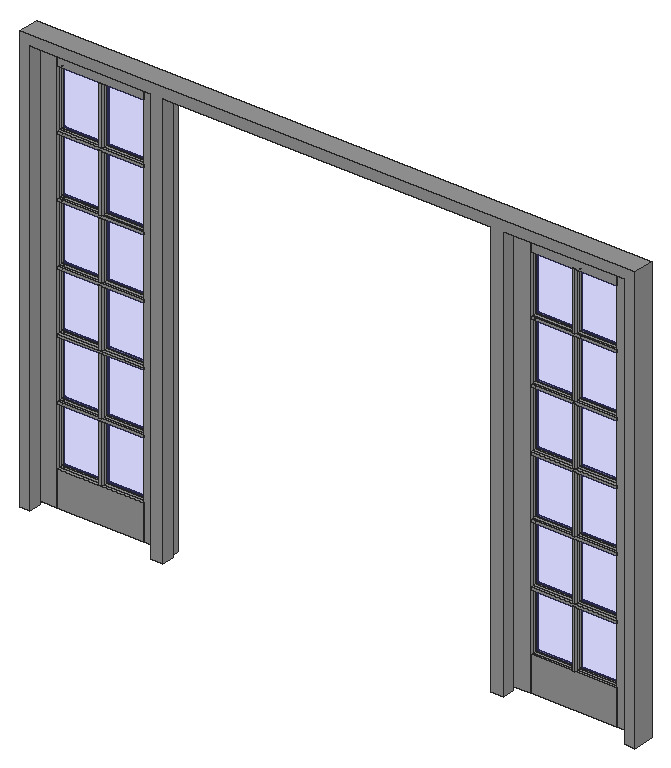
Revit family "VSLF 6 16 6 (3010x2090mm)", category Doors, host Wall, Revit 2013
Parameters (values of type "VSLF 6/16/6")
  Function = Interior
  Frame Projection Ext. = 25 mm
  Frame Projection Int. = 25 mm
  Frame Width = 75 mm
  Height = 2090 mm
  Wall Closure = By host
  Width = 3010 mm
Reference planes
  plane 1: y = 0
  plane 2 "Center (Left/Right)": x = 0
  plane 3 "Left": x = -1505
  plane 4 "Right": x = 1505
  plane 5: z = 2090
  plane 6 "Exterior": y = 75
  plane 7 "Interior": y = -75
Forms (mm)
  Sweep 1, solid, material "Lauan, Meranti"
    path origin (0, 75, 0) x (1, 0, 0) y (0, 0, 1)
      loop
        line (1505, 0) -> (1505, 2090) -> (-1505, 2090) -> (-1505, 0)
    profile "105x50 Door Frame : 105x50 Door Frame" origin (1505, 75, 1045) x (-1, 0, 0) y (0, -1, 0)
      loop
        line (0, 22.5) -> (38, 22.5) -> (38, 67.5) -> (50, 67.5) -> (50, 127.5) -> (0, 127.5) -> (0, 22.5)
  Extrusion 2, solid, material "Lauan, Meranti"
    sketch origin (1261.051, 140, 0) x (0, -1, 0) y (0, 0, 1)
      loop
        line (132.5, 20) -> (132.5, 191) -> (102.5, 191) -> (102.5, 200) -> (100.5, 200) -> (100.5, 198)
        arc (100.5, 198) -> (96.134, 195.67) -> (94.5, 191) r 6.807
        line (94.5, 191) -> (92.5, 191) -> (92.5, 20) -> (132.5, 20)
      loop
        line (102.5, 1956) -> (132.5, 1956) -> (132.5, 2052) -> (92.5, 2052) -> (92.5, 1956) -> (94.5, 1956)
        arc (94.5, 1956) -> (96.134, 1951.33) -> (100.5, 1949) r 6.807
        line (100.5, 1949) -> (100.5, 1947) -> (102.5, 1947) -> (102.5, 1956)
    from -109.949 to 314.051
  Extrusion 3, solid, material "Lauan, Meranti"
    sketch origin (1269, 55, 0) x (-1, 0, 0) y (0, -1, 0)
      loop
        line (322, 17.5) -> (313, 17.5) -> (313, 15.5) -> (315, 15.5)
        arc (315, 15.5) -> (317.33, 11.134) -> (322, 9.5) r 6.807
        line (322, 9.5) -> (322, 7.5) -> (418, 7.5) -> (418, 47.5) -> (322, 47.5) -> (322, 17.5)
      loop
        line (-102, 17.5) -> (-102, 47.5) -> (-198, 47.5) -> (-198, 7.5) -> (-102, 7.5) -> (-102, 9.5)
        arc (-102, 9.5) -> (-97.33, 11.134) -> (-95, 15.5) r 6.807
        line (-95, 15.5) -> (-93, 15.5) -> (-93, 17.5) -> (-102, 17.5)
    from 20 to 2052
  Extrusion 4, solid, material "Lauan, Meranti"
    sketch origin (1269, 55, 1439.918) x (-1, 0, 0) y (0, -1, 0)
      loop
        line (94.5, 17.5) -> (94.5, 15.5) -> (96.5, 15.5)
        arc (96.5, 15.5) -> (98.83, 11.134) -> (103.5, 9.5) r 6.807
        line (103.5, 9.5) -> (103.5, 7.5) -> (116.5, 7.5) -> (116.5, 9.5)
        arc (116.5, 9.5) -> (121.17, 11.134) -> (123.5, 15.5) r 6.807
        line (123.5, 15.5) -> (125.5, 15.5) -> (125.5, 17.5) -> (116.5, 17.5) -> (116.5, 47.5) -> (103.5, 47.5) -> (103.5, 17.5) -> (94.5, 17.5)
    from 232.749 to 516.082
  Extrusion 5, solid, material "Lauan, Meranti"
    sketch origin (1469, 55, 0) x (0, -1, 0) y (0, 0, 1)
      loop
        line (17.5, 1650.667) -> (17.5, 1659.667) -> (47.5, 1659.667) -> (47.5, 1672.667) -> (17.5, 1672.667) -> (17.5, 1681.667) -> (15.5, 1681.667) -> (15.5, 1679.667)
        arc (15.5, 1679.667) -> (11.134, 1677.337) -> (9.5, 1672.667) r 6.807
        line (9.5, 1672.667) -> (7.5, 1672.667) -> (7.5, 1659.667) -> (9.5, 1659.667)
        arc (9.5, 1659.667) -> (11.134, 1654.996) -> (15.5, 1652.667) r 6.807
        line (15.5, 1652.667) -> (15.5, 1650.667) -> (17.5, 1650.667)
    from 98 to 522
  Extrusion 6, solid, material "Lauan, Meranti"
    sketch origin (1269, 55, 1143.584) x (-1, 0, 0) y (0, -1, 0)
      loop
        line (94.5, 17.5) -> (94.5, 15.5) -> (96.5, 15.5)
        arc (96.5, 15.5) -> (98.83, 11.134) -> (103.5, 9.5) r 6.807
        line (103.5, 9.5) -> (103.5, 7.5) -> (116.5, 7.5) -> (116.5, 9.5)
        arc (116.5, 9.5) -> (121.17, 11.134) -> (123.5, 15.5) r 6.807
        line (123.5, 15.5) -> (125.5, 15.5) -> (125.5, 17.5) -> (116.5, 17.5) -> (116.5, 47.5) -> (103.5, 47.5) -> (103.5, 17.5) -> (94.5, 17.5)
    from 232.749 to 516.082
  Extrusion 7, solid, material "Lauan, Meranti"
    sketch origin (1269, 55, 847.251) x (-1, 0, 0) y (0, -1, 0)
      loop
        line (94.5, 17.5) -> (94.5, 15.5) -> (96.5, 15.5)
        arc (96.5, 15.5) -> (98.83, 11.134) -> (103.5, 9.5) r 6.807
        line (103.5, 9.5) -> (103.5, 7.5) -> (116.5, 7.5) -> (116.5, 9.5)
        arc (116.5, 9.5) -> (121.17, 11.134) -> (123.5, 15.5) r 6.807
        line (123.5, 15.5) -> (125.5, 15.5) -> (125.5, 17.5) -> (116.5, 17.5) -> (116.5, 47.5) -> (103.5, 47.5) -> (103.5, 17.5) -> (94.5, 17.5)
    from 232.749 to 516.082
  Extrusion 8, solid, material "Lauan, Meranti"
    sketch origin (1269, 55, 550.918) x (-1, 0, 0) y (0, -1, 0)
      loop
        line (94.5, 17.5) -> (94.5, 15.5) -> (96.5, 15.5)
        arc (96.5, 15.5) -> (98.83, 11.134) -> (103.5, 9.5) r 6.807
        line (103.5, 9.5) -> (103.5, 7.5) -> (116.5, 7.5) -> (116.5, 9.5)
        arc (116.5, 9.5) -> (121.17, 11.134) -> (123.5, 15.5) r 6.807
        line (123.5, 15.5) -> (125.5, 15.5) -> (125.5, 17.5) -> (116.5, 17.5) -> (116.5, 47.5) -> (103.5, 47.5) -> (103.5, 17.5) -> (94.5, 17.5)
    from 232.749 to 516.082
  Extrusion 9, solid, material "Lauan, Meranti"
    sketch origin (1269, 55, 254.584) x (-1, 0, 0) y (0, -1, 0)
      loop
        line (94.5, 17.5) -> (94.5, 15.5) -> (96.5, 15.5)
        arc (96.5, 15.5) -> (98.83, 11.134) -> (103.5, 9.5) r 6.807
        line (103.5, 9.5) -> (103.5, 7.5) -> (116.5, 7.5) -> (116.5, 9.5)
        arc (116.5, 9.5) -> (121.17, 11.134) -> (123.5, 15.5) r 6.807
        line (123.5, 15.5) -> (125.5, 15.5) -> (125.5, 17.5) -> (116.5, 17.5) -> (116.5, 47.5) -> (103.5, 47.5) -> (103.5, 17.5) -> (94.5, 17.5)
    from 232.749 to 516.082
  Extrusion 10, solid, material "Lauan, Meranti"
    sketch origin (1269, 55, -41.749) x (-1, 0, 0) y (0, -1, 0)
      loop
        line (94.5, 17.5) -> (94.5, 15.5) -> (96.5, 15.5)
        arc (96.5, 15.5) -> (98.83, 11.134) -> (103.5, 9.5) r 6.807
        line (103.5, 9.5) -> (103.5, 7.5) -> (116.5, 7.5) -> (116.5, 9.5)
        arc (116.5, 9.5) -> (121.17, 11.134) -> (123.5, 15.5) r 6.807
        line (123.5, 15.5) -> (125.5, 15.5) -> (125.5, 17.5) -> (116.5, 17.5) -> (116.5, 47.5) -> (103.5, 47.5) -> (103.5, 17.5) -> (94.5, 17.5)
    from 232.749 to 516.082
  Extrusion 11, solid, material "Glass"
    sketch origin (1269, -20, -1481.667) x (-1, 0, 0) y (0, 0, 1)
      loop
        line (322, 1956) -> (116.5, 1956) -> (116.5, 1672.667) -> (322, 1672.667) -> (322, 1956)
    from 49.5 to 57.5
  Extrusion 12, solid, material "Glass"
    sketch origin (1484.5, -20, -1481.667) x (-1, 0, 0) y (0, 0, 1)
      loop
        line (319, 1956) -> (113.5, 1956) -> (113.5, 1672.667) -> (319, 1672.667) -> (319, 1956)
    from 49.5 to 57.5
  Sweep 13, solid, material "Lauan, Meranti"
    path origin (1269, -20, -1481.656) x (-1, 0, 0) y (0, 0, 1)
      loop
        line (322, 1956) -> (116.5, 1956) -> (116.5, 1672.667) -> (322, 1672.667) -> (322, 1956)
    profile origin (1049.75, -20, 474.344) x (0, 0, -1) y (0, 1, 0)
      loop
        line (9, 49.5) -> (0, 49.5) -> (0, 41.5)
        arc (0, 41.5) -> (4.67, 43.134) -> (7, 47.5) r 6.807
        line (7, 47.5) -> (9, 47.5) -> (9, 49.5)
  Sweep 14, solid, material "Lauan, Meranti"
    path origin (1484.5, -20, -1481.656) x (-1, 0, 0) y (0, 0, 1)
      loop
        line (319, 1956) -> (113.5, 1956) -> (113.5, 1672.667) -> (319, 1672.667) -> (319, 1956)
    profile origin (1268.25, -20, 474.344) x (0, 0, -1) y (0, 1, 0)
      loop
        line (9, 49.5) -> (0, 49.5) -> (0, 41.5)
        arc (0, 41.5) -> (4.67, 43.134) -> (7, 47.5) r 6.807
        line (7, 47.5) -> (9, 47.5) -> (9, 49.5)
  Extrusion 15, solid, material "Lauan, Meranti"
    sketch origin (97, 0, 0) x (1, 0, 0) y (0, 1, 0)
      loop
        line (-960, -52.5) -> (-900, -52.5) -> (-900, 7.5) -> (-912, 7.5) -> (-912, 52.5) -> (-948, 52.5) -> (-948, 7.5) -> (-960, 7.5) -> (-960, -52.5)
    from 0 to 2052
  Extrusion 16, solid, material "Lauan, Meranti"
    sketch origin (-97, 0, 0) x (-1, 0, 0) y (0, -1, 0)
      loop
        line (-960, 52.5) -> (-960, -7.5) -> (-948, -7.5) -> (-948, -52.5) -> (-912, -52.5) -> (-912, -7.5) -> (-900, -7.5) -> (-900, 52.5) -> (-960, 52.5)
    from 0 to 2052
  Extrusion 17, solid, material "Lauan, Meranti"
    sketch origin (1469, 55, -296.333) x (0, -1, 0) y (0, 0, 1)
      loop
        line (17.5, 1650.667) -> (17.5, 1659.667) -> (47.5, 1659.667) -> (47.5, 1672.667) -> (17.5, 1672.667) -> (17.5, 1681.667) -> (15.5, 1681.667) -> (15.5, 1679.667)
        arc (15.5, 1679.667) -> (11.134, 1677.337) -> (9.5, 1672.667) r 6.807
        line (9.5, 1672.667) -> (7.5, 1672.667) -> (7.5, 1659.667) -> (9.5, 1659.667)
        arc (9.5, 1659.667) -> (11.134, 1654.996) -> (15.5, 1652.667) r 6.807
        line (15.5, 1652.667) -> (15.5, 1650.667) -> (17.5, 1650.667)
    from 98 to 522
  Extrusion 18, solid, material "Lauan, Meranti"
    sketch origin (1469, 55, -592.667) x (0, -1, 0) y (0, 0, 1)
      loop
        line (17.5, 1650.667) -> (17.5, 1659.667) -> (47.5, 1659.667) -> (47.5, 1672.667) -> (17.5, 1672.667) -> (17.5, 1681.667) -> (15.5, 1681.667) -> (15.5, 1679.667)
        arc (15.5, 1679.667) -> (11.134, 1677.337) -> (9.5, 1672.667) r 6.807
        line (9.5, 1672.667) -> (7.5, 1672.667) -> (7.5, 1659.667) -> (9.5, 1659.667)
        arc (9.5, 1659.667) -> (11.134, 1654.996) -> (15.5, 1652.667) r 6.807
        line (15.5, 1652.667) -> (15.5, 1650.667) -> (17.5, 1650.667)
    from 98 to 522
  Extrusion 19, solid, material "Lauan, Meranti"
    sketch origin (1469, 55, -889) x (0, -1, 0) y (0, 0, 1)
      loop
        line (17.5, 1650.667) -> (17.5, 1659.667) -> (47.5, 1659.667) -> (47.5, 1672.667) -> (17.5, 1672.667) -> (17.5, 1681.667) -> (15.5, 1681.667) -> (15.5, 1679.667)
        arc (15.5, 1679.667) -> (11.134, 1677.337) -> (9.5, 1672.667) r 6.807
        line (9.5, 1672.667) -> (7.5, 1672.667) -> (7.5, 1659.667) -> (9.5, 1659.667)
        arc (9.5, 1659.667) -> (11.134, 1654.996) -> (15.5, 1652.667) r 6.807
        line (15.5, 1652.667) -> (15.5, 1650.667) -> (17.5, 1650.667)
    from 98 to 522
  Extrusion 20, solid, material "Lauan, Meranti"
    sketch origin (1469, 55, -1185.333) x (0, -1, 0) y (0, 0, 1)
      loop
        line (17.5, 1650.667) -> (17.5, 1659.667) -> (47.5, 1659.667) -> (47.5, 1672.667) -> (17.5, 1672.667) -> (17.5, 1681.667) -> (15.5, 1681.667) -> (15.5, 1679.667)
        arc (15.5, 1679.667) -> (11.134, 1677.337) -> (9.5, 1672.667) r 6.807
        line (9.5, 1672.667) -> (7.5, 1672.667) -> (7.5, 1659.667) -> (9.5, 1659.667)
        arc (9.5, 1659.667) -> (11.134, 1654.996) -> (15.5, 1652.667) r 6.807
        line (15.5, 1652.667) -> (15.5, 1650.667) -> (17.5, 1650.667)
    from 98 to 522
  Extrusion 21, solid, material "Glass"
    sketch origin (1269, -20, -1185.333) x (-1, 0, 0) y (0, 0, 1)
      loop
        line (322, 1956) -> (116.5, 1956) -> (116.5, 1672.667) -> (322, 1672.667) -> (322, 1956)
    from 49.5 to 57.5
  Extrusion 22, solid, material "Glass"
    sketch origin (1484.5, -20, -1185.333) x (-1, 0, 0) y (0, 0, 1)
      loop
        line (319, 1956) -> (113.5, 1956) -> (113.5, 1672.667) -> (319, 1672.667) -> (319, 1956)
    from 49.5 to 57.5
  Extrusion 23, solid, material "Glass"
    sketch origin (1269, -20, -889) x (-1, 0, 0) y (0, 0, 1)
      loop
        line (322, 1956) -> (116.5, 1956) -> (116.5, 1672.667) -> (322, 1672.667) -> (322, 1956)
    from 49.5 to 57.5
  Extrusion 24, solid, material "Glass"
    sketch origin (1484.5, -20, -889) x (-1, 0, 0) y (0, 0, 1)
      loop
        line (319, 1956) -> (113.5, 1956) -> (113.5, 1672.667) -> (319, 1672.667) -> (319, 1956)
    from 49.5 to 57.5
  Extrusion 25, solid, material "Glass"
    sketch origin (1269, -20, -592.667) x (-1, 0, 0) y (0, 0, 1)
      loop
        line (322, 1956) -> (116.5, 1956) -> (116.5, 1672.667) -> (322, 1672.667) -> (322, 1956)
    from 49.5 to 57.5
  Extrusion 26, solid, material "Glass"
    sketch origin (1484.5, -20, -592.667) x (-1, 0, 0) y (0, 0, 1)
      loop
        line (319, 1956) -> (113.5, 1956) -> (113.5, 1672.667) -> (319, 1672.667) -> (319, 1956)
    from 49.5 to 57.5
  Extrusion 27, solid, material "Glass"
    sketch origin (1269, -20, -296.333) x (-1, 0, 0) y (0, 0, 1)
      loop
        line (322, 1956) -> (116.5, 1956) -> (116.5, 1672.667) -> (322, 1672.667) -> (322, 1956)
    from 49.5 to 57.5
  Extrusion 28, solid, material "Glass"
    sketch origin (1484.5, -20, -296.333) x (-1, 0, 0) y (0, 0, 1)
      loop
        line (319, 1956) -> (113.5, 1956) -> (113.5, 1672.667) -> (319, 1672.667) -> (319, 1956)
    from 49.5 to 57.5
  Extrusion 29, solid, material "Glass"
    sketch origin (1269, -20, 0) x (-1, 0, 0) y (0, 0, 1)
      loop
        line (322, 1956) -> (116.5, 1956) -> (116.5, 1672.667) -> (322, 1672.667) -> (322, 1956)
    from 49.5 to 57.5
  Extrusion 30, solid, material "Glass"
    sketch origin (1484.5, -20, 0) x (-1, 0, 0) y (0, 0, 1)
      loop
        line (319, 1956) -> (113.5, 1956) -> (113.5, 1672.667) -> (319, 1672.667) -> (319, 1956)
    from 49.5 to 57.5
  Sweep 31, solid, material "Lauan, Meranti"
    path origin (1269, -20, -1185.322) x (-1, 0, 0) y (0, 0, 1)
      loop
        line (322, 1956) -> (116.5, 1956) -> (116.5, 1672.667) -> (322, 1672.667) -> (322, 1956)
    profile origin (1049.75, -20, 770.678) x (0, 0, -1) y (0, 1, 0)
      loop
        line (9, 49.5) -> (0, 49.5) -> (0, 41.5)
        arc (0, 41.5) -> (4.67, 43.134) -> (7, 47.5) r 6.807
        line (7, 47.5) -> (9, 47.5) -> (9, 49.5)
  Sweep 32, solid, material "Lauan, Meranti"
    path origin (1484.5, -20, -1185.322) x (-1, 0, 0) y (0, 0, 1)
      loop
        line (319, 1956) -> (113.5, 1956) -> (113.5, 1672.667) -> (319, 1672.667) -> (319, 1956)
    profile origin (1268.25, -20, 770.678) x (0, 0, -1) y (0, 1, 0)
      loop
        line (9, 49.5) -> (0, 49.5) -> (0, 41.5)
        arc (0, 41.5) -> (4.67, 43.134) -> (7, 47.5) r 6.807
        line (7, 47.5) -> (9, 47.5) -> (9, 49.5)
  Sweep 33, solid, material "Lauan, Meranti"
    path origin (1269, -20, -888.989) x (-1, 0, 0) y (0, 0, 1)
      loop
        line (322, 1956) -> (116.5, 1956) -> (116.5, 1672.667) -> (322, 1672.667) -> (322, 1956)
    profile origin (1049.75, -20, 1067.011) x (0, 0, -1) y (0, 1, 0)
      loop
        line (9, 49.5) -> (0, 49.5) -> (0, 41.5)
        arc (0, 41.5) -> (4.67, 43.134) -> (7, 47.5) r 6.807
        line (7, 47.5) -> (9, 47.5) -> (9, 49.5)
  Sweep 34, solid, material "Lauan, Meranti"
    path origin (1484.5, -20, -888.989) x (-1, 0, 0) y (0, 0, 1)
      loop
        line (319, 1956) -> (113.5, 1956) -> (113.5, 1672.667) -> (319, 1672.667) -> (319, 1956)
    profile origin (1268.25, -20, 1067.011) x (0, 0, -1) y (0, 1, 0)
      loop
        line (9, 49.5) -> (0, 49.5) -> (0, 41.5)
        arc (0, 41.5) -> (4.67, 43.134) -> (7, 47.5) r 6.807
        line (7, 47.5) -> (9, 47.5) -> (9, 49.5)
  Sweep 35, solid, material "Lauan, Meranti"
    path origin (1269, -20, -592.656) x (-1, 0, 0) y (0, 0, 1)
      loop
        line (322, 1956) -> (116.5, 1956) -> (116.5, 1672.667) -> (322, 1672.667) -> (322, 1956)
    profile origin (1049.75, -20, 1363.344) x (0, 0, -1) y (0, 1, 0)
      loop
        line (9, 49.5) -> (0, 49.5) -> (0, 41.5)
        arc (0, 41.5) -> (4.67, 43.134) -> (7, 47.5) r 6.807
        line (7, 47.5) -> (9, 47.5) -> (9, 49.5)
  Sweep 36, solid, material "Lauan, Meranti"
    path origin (1484.5, -20, -592.656) x (-1, 0, 0) y (0, 0, 1)
      loop
        line (319, 1956) -> (113.5, 1956) -> (113.5, 1672.667) -> (319, 1672.667) -> (319, 1956)
    profile origin (1268.25, -20, 1363.344) x (0, 0, -1) y (0, 1, 0)
      loop
        line (9, 49.5) -> (0, 49.5) -> (0, 41.5)
        arc (0, 41.5) -> (4.67, 43.134) -> (7, 47.5) r 6.807
        line (7, 47.5) -> (9, 47.5) -> (9, 49.5)
  Sweep 37, solid, material "Lauan, Meranti"
    path origin (1269, -20, -296.322) x (-1, 0, 0) y (0, 0, 1)
      loop
        line (322, 1956) -> (116.5, 1956) -> (116.5, 1672.667) -> (322, 1672.667) -> (322, 1956)
    profile origin (1049.75, -20, 1659.678) x (0, 0, -1) y (0, 1, 0)
      loop
        line (9, 49.5) -> (0, 49.5) -> (0, 41.5)
        arc (0, 41.5) -> (4.67, 43.134) -> (7, 47.5) r 6.807
        line (7, 47.5) -> (9, 47.5) -> (9, 49.5)
  Sweep 38, solid, material "Lauan, Meranti"
    path origin (1484.5, -20, -296.322) x (-1, 0, 0) y (0, 0, 1)
      loop
        line (319, 1956) -> (113.5, 1956) -> (113.5, 1672.667) -> (319, 1672.667) -> (319, 1956)
    profile origin (1268.25, -20, 1659.678) x (0, 0, -1) y (0, 1, 0)
      loop
        line (9, 49.5) -> (0, 49.5) -> (0, 41.5)
        arc (0, 41.5) -> (4.67, 43.134) -> (7, 47.5) r 6.807
        line (7, 47.5) -> (9, 47.5) -> (9, 49.5)
  Sweep 39, solid, material "Lauan, Meranti"
    path origin (1269, -20, 0.011) x (-1, 0, 0) y (0, 0, 1)
      loop
        line (322, 1956) -> (116.5, 1956) -> (116.5, 1672.667) -> (322, 1672.667) -> (322, 1956)
    profile origin (1049.75, -20, 1956.011) x (0, 0, -1) y (0, 1, 0)
      loop
        line (9, 49.5) -> (0, 49.5) -> (0, 41.5)
        arc (0, 41.5) -> (4.67, 43.134) -> (7, 47.5) r 6.807
        line (7, 47.5) -> (9, 47.5) -> (9, 49.5)
  Sweep 40, solid, material "Lauan, Meranti"
    path origin (1484.5, -20, 0.011) x (-1, 0, 0) y (0, 0, 1)
      loop
        line (319, 1956) -> (113.5, 1956) -> (113.5, 1672.667) -> (319, 1672.667) -> (319, 1956)
    profile origin (1268.25, -20, 1956.011) x (0, 0, -1) y (0, 1, 0)
      loop
        line (9, 49.5) -> (0, 49.5) -> (0, 41.5)
        arc (0, 41.5) -> (4.67, 43.134) -> (7, 47.5) r 6.807
        line (7, 47.5) -> (9, 47.5) -> (9, 49.5)
  Extrusion 41, solid, material "Lauan, Meranti"
    sketch origin (-1056.949, 140, 0) x (0, -1, 0) y (0, 0, 1)
      loop
        line (132.5, 20) -> (132.5, 191) -> (102.5, 191) -> (102.5, 200) -> (100.5, 200) -> (100.5, 198)
        arc (100.5, 198) -> (96.134, 195.67) -> (94.5, 191) r 6.807
        line (94.5, 191) -> (92.5, 191) -> (92.5, 20) -> (132.5, 20)
      loop
        line (102.5, 1956) -> (132.5, 1956) -> (132.5, 2052) -> (92.5, 2052) -> (92.5, 1956) -> (94.5, 1956)
        arc (94.5, 1956) -> (96.134, 1951.33) -> (100.5, 1949) r 6.807
        line (100.5, 1949) -> (100.5, 1947) -> (102.5, 1947) -> (102.5, 1956)
    from -109.949 to 314.051
  Extrusion 42, solid, material "Lauan, Meranti"
    sketch origin (-1049, 55, 0) x (-1, 0, 0) y (0, -1, 0)
      loop
        line (322, 17.5) -> (313, 17.5) -> (313, 15.5) -> (315, 15.5)
        arc (315, 15.5) -> (317.33, 11.134) -> (322, 9.5) r 6.807
        line (322, 9.5) -> (322, 7.5) -> (418, 7.5) -> (418, 47.5) -> (322, 47.5) -> (322, 17.5)
      loop
        line (-102, 17.5) -> (-102, 47.5) -> (-198, 47.5) -> (-198, 7.5) -> (-102, 7.5) -> (-102, 9.5)
        arc (-102, 9.5) -> (-97.33, 11.134) -> (-95, 15.5) r 6.807
        line (-95, 15.5) -> (-93, 15.5) -> (-93, 17.5) -> (-102, 17.5)
    from 20 to 2052
  Extrusion 43, solid, material "Lauan, Meranti"
    sketch origin (-1049, 55, 1439.918) x (-1, 0, 0) y (0, -1, 0)
      loop
        line (94.5, 17.5) -> (94.5, 15.5) -> (96.5, 15.5)
        arc (96.5, 15.5) -> (98.83, 11.134) -> (103.5, 9.5) r 6.807
        line (103.5, 9.5) -> (103.5, 7.5) -> (116.5, 7.5) -> (116.5, 9.5)
        arc (116.5, 9.5) -> (121.17, 11.134) -> (123.5, 15.5) r 6.807
        line (123.5, 15.5) -> (125.5, 15.5) -> (125.5, 17.5) -> (116.5, 17.5) -> (116.5, 47.5) -> (103.5, 47.5) -> (103.5, 17.5) -> (94.5, 17.5)
    from 232.749 to 516.082
  Extrusion 44, solid, material "Lauan, Meranti"
    sketch origin (-849, 55, 0) x (0, -1, 0) y (0, 0, 1)
      loop
        line (17.5, 1650.667) -> (17.5, 1659.667) -> (47.5, 1659.667) -> (47.5, 1672.667) -> (17.5, 1672.667) -> (17.5, 1681.667) -> (15.5, 1681.667) -> (15.5, 1679.667)
        arc (15.5, 1679.667) -> (11.134, 1677.337) -> (9.5, 1672.667) r 6.807
        line (9.5, 1672.667) -> (7.5, 1672.667) -> (7.5, 1659.667) -> (9.5, 1659.667)
        arc (9.5, 1659.667) -> (11.134, 1654.996) -> (15.5, 1652.667) r 6.807
        line (15.5, 1652.667) -> (15.5, 1650.667) -> (17.5, 1650.667)
    from 98 to 522
  Extrusion 45, solid, material "Lauan, Meranti"
    sketch origin (-1049, 55, 1143.584) x (-1, 0, 0) y (0, -1, 0)
      loop
        line (94.5, 17.5) -> (94.5, 15.5) -> (96.5, 15.5)
        arc (96.5, 15.5) -> (98.83, 11.134) -> (103.5, 9.5) r 6.807
        line (103.5, 9.5) -> (103.5, 7.5) -> (116.5, 7.5) -> (116.5, 9.5)
        arc (116.5, 9.5) -> (121.17, 11.134) -> (123.5, 15.5) r 6.807
        line (123.5, 15.5) -> (125.5, 15.5) -> (125.5, 17.5) -> (116.5, 17.5) -> (116.5, 47.5) -> (103.5, 47.5) -> (103.5, 17.5) -> (94.5, 17.5)
    from 232.749 to 516.082
  Extrusion 46, solid, material "Lauan, Meranti"
    sketch origin (-1049, 55, 847.251) x (-1, 0, 0) y (0, -1, 0)
      loop
        line (94.5, 17.5) -> (94.5, 15.5) -> (96.5, 15.5)
        arc (96.5, 15.5) -> (98.83, 11.134) -> (103.5, 9.5) r 6.807
        line (103.5, 9.5) -> (103.5, 7.5) -> (116.5, 7.5) -> (116.5, 9.5)
        arc (116.5, 9.5) -> (121.17, 11.134) -> (123.5, 15.5) r 6.807
        line (123.5, 15.5) -> (125.5, 15.5) -> (125.5, 17.5) -> (116.5, 17.5) -> (116.5, 47.5) -> (103.5, 47.5) -> (103.5, 17.5) -> (94.5, 17.5)
    from 232.749 to 516.082
  Extrusion 47, solid, material "Lauan, Meranti"
    sketch origin (-1049, 55, 550.918) x (-1, 0, 0) y (0, -1, 0)
      loop
        line (94.5, 17.5) -> (94.5, 15.5) -> (96.5, 15.5)
        arc (96.5, 15.5) -> (98.83, 11.134) -> (103.5, 9.5) r 6.807
        line (103.5, 9.5) -> (103.5, 7.5) -> (116.5, 7.5) -> (116.5, 9.5)
        arc (116.5, 9.5) -> (121.17, 11.134) -> (123.5, 15.5) r 6.807
        line (123.5, 15.5) -> (125.5, 15.5) -> (125.5, 17.5) -> (116.5, 17.5) -> (116.5, 47.5) -> (103.5, 47.5) -> (103.5, 17.5) -> (94.5, 17.5)
    from 232.749 to 516.082
  Extrusion 48, solid, material "Lauan, Meranti"
    sketch origin (-1049, 55, 254.584) x (-1, 0, 0) y (0, -1, 0)
      loop
        line (94.5, 17.5) -> (94.5, 15.5) -> (96.5, 15.5)
        arc (96.5, 15.5) -> (98.83, 11.134) -> (103.5, 9.5) r 6.807
        line (103.5, 9.5) -> (103.5, 7.5) -> (116.5, 7.5) -> (116.5, 9.5)
        arc (116.5, 9.5) -> (121.17, 11.134) -> (123.5, 15.5) r 6.807
        line (123.5, 15.5) -> (125.5, 15.5) -> (125.5, 17.5) -> (116.5, 17.5) -> (116.5, 47.5) -> (103.5, 47.5) -> (103.5, 17.5) -> (94.5, 17.5)
    from 232.749 to 516.082
  Extrusion 49, solid, material "Lauan, Meranti"
    sketch origin (-1049, 55, -41.749) x (-1, 0, 0) y (0, -1, 0)
      loop
        line (94.5, 17.5) -> (94.5, 15.5) -> (96.5, 15.5)
        arc (96.5, 15.5) -> (98.83, 11.134) -> (103.5, 9.5) r 6.807
        line (103.5, 9.5) -> (103.5, 7.5) -> (116.5, 7.5) -> (116.5, 9.5)
        arc (116.5, 9.5) -> (121.17, 11.134) -> (123.5, 15.5) r 6.807
        line (123.5, 15.5) -> (125.5, 15.5) -> (125.5, 17.5) -> (116.5, 17.5) -> (116.5, 47.5) -> (103.5, 47.5) -> (103.5, 17.5) -> (94.5, 17.5)
    from 232.749 to 516.082
  Extrusion 50, solid, material "Glass"
    sketch origin (-1049, -20, -1481.667) x (-1, 0, 0) y (0, 0, 1)
      loop
        line (322, 1956) -> (116.5, 1956) -> (116.5, 1672.667) -> (322, 1672.667) -> (322, 1956)
    from 49.5 to 57.5
  Extrusion 51, solid, material "Glass"
    sketch origin (-833.5, -20, -1481.667) x (-1, 0, 0) y (0, 0, 1)
      loop
        line (319, 1956) -> (113.5, 1956) -> (113.5, 1672.667) -> (319, 1672.667) -> (319, 1956)
    from 49.5 to 57.5
  Sweep 52, solid, material "Lauan, Meranti"
    path origin (-1049, -20, -1481.656) x (-1, 0, 0) y (0, 0, 1)
      loop
        line (322, 1956) -> (116.5, 1956) -> (116.5, 1672.667) -> (322, 1672.667) -> (322, 1956)
    profile origin (-1268.25, -20, 474.344) x (0, 0, -1) y (0, 1, 0)
      loop
        line (9, 49.5) -> (0, 49.5) -> (0, 41.5)
        arc (0, 41.5) -> (4.67, 43.134) -> (7, 47.5) r 6.807
        line (7, 47.5) -> (9, 47.5) -> (9, 49.5)
  Sweep 53, solid, material "Lauan, Meranti"
    path origin (-833.5, -20, -1481.656) x (-1, 0, 0) y (0, 0, 1)
      loop
        line (319, 1956) -> (113.5, 1956) -> (113.5, 1672.667) -> (319, 1672.667) -> (319, 1956)
    profile origin (-1049.75, -20, 474.344) x (0, 0, -1) y (0, 1, 0)
      loop
        line (9, 49.5) -> (0, 49.5) -> (0, 41.5)
        arc (0, 41.5) -> (4.67, 43.134) -> (7, 47.5) r 6.807
        line (7, 47.5) -> (9, 47.5) -> (9, 49.5)
  Extrusion 54, solid, material "Lauan, Meranti"
    sketch origin (-849, 55, -296.333) x (0, -1, 0) y (0, 0, 1)
      loop
        line (17.5, 1650.667) -> (17.5, 1659.667) -> (47.5, 1659.667) -> (47.5, 1672.667) -> (17.5, 1672.667) -> (17.5, 1681.667) -> (15.5, 1681.667) -> (15.5, 1679.667)
        arc (15.5, 1679.667) -> (11.134, 1677.337) -> (9.5, 1672.667) r 6.807
        line (9.5, 1672.667) -> (7.5, 1672.667) -> (7.5, 1659.667) -> (9.5, 1659.667)
        arc (9.5, 1659.667) -> (11.134, 1654.996) -> (15.5, 1652.667) r 6.807
        line (15.5, 1652.667) -> (15.5, 1650.667) -> (17.5, 1650.667)
    from 98 to 522
  Extrusion 55, solid, material "Lauan, Meranti"
    sketch origin (-849, 55, -592.667) x (0, -1, 0) y (0, 0, 1)
      loop
        line (17.5, 1650.667) -> (17.5, 1659.667) -> (47.5, 1659.667) -> (47.5, 1672.667) -> (17.5, 1672.667) -> (17.5, 1681.667) -> (15.5, 1681.667) -> (15.5, 1679.667)
        arc (15.5, 1679.667) -> (11.134, 1677.337) -> (9.5, 1672.667) r 6.807
        line (9.5, 1672.667) -> (7.5, 1672.667) -> (7.5, 1659.667) -> (9.5, 1659.667)
        arc (9.5, 1659.667) -> (11.134, 1654.996) -> (15.5, 1652.667) r 6.807
        line (15.5, 1652.667) -> (15.5, 1650.667) -> (17.5, 1650.667)
    from 98 to 522
  Extrusion 56, solid, material "Lauan, Meranti"
    sketch origin (-849, 55, -889) x (0, -1, 0) y (0, 0, 1)
      loop
        line (17.5, 1650.667) -> (17.5, 1659.667) -> (47.5, 1659.667) -> (47.5, 1672.667) -> (17.5, 1672.667) -> (17.5, 1681.667) -> (15.5, 1681.667) -> (15.5, 1679.667)
        arc (15.5, 1679.667) -> (11.134, 1677.337) -> (9.5, 1672.667) r 6.807
        line (9.5, 1672.667) -> (7.5, 1672.667) -> (7.5, 1659.667) -> (9.5, 1659.667)
        arc (9.5, 1659.667) -> (11.134, 1654.996) -> (15.5, 1652.667) r 6.807
        line (15.5, 1652.667) -> (15.5, 1650.667) -> (17.5, 1650.667)
    from 98 to 522
  Extrusion 57, solid, material "Lauan, Meranti"
    sketch origin (-849, 55, -1185.333) x (0, -1, 0) y (0, 0, 1)
      loop
        line (17.5, 1650.667) -> (17.5, 1659.667) -> (47.5, 1659.667) -> (47.5, 1672.667) -> (17.5, 1672.667) -> (17.5, 1681.667) -> (15.5, 1681.667) -> (15.5, 1679.667)
        arc (15.5, 1679.667) -> (11.134, 1677.337) -> (9.5, 1672.667) r 6.807
        line (9.5, 1672.667) -> (7.5, 1672.667) -> (7.5, 1659.667) -> (9.5, 1659.667)
        arc (9.5, 1659.667) -> (11.134, 1654.996) -> (15.5, 1652.667) r 6.807
        line (15.5, 1652.667) -> (15.5, 1650.667) -> (17.5, 1650.667)
    from 98 to 522
  Extrusion 58, solid, material "Glass"
    sketch origin (-1049, -20, -1185.333) x (-1, 0, 0) y (0, 0, 1)
      loop
        line (322, 1956) -> (116.5, 1956) -> (116.5, 1672.667) -> (322, 1672.667) -> (322, 1956)
    from 49.5 to 57.5
  Extrusion 59, solid, material "Glass"
    sketch origin (-833.5, -20, -1185.333) x (-1, 0, 0) y (0, 0, 1)
      loop
        line (319, 1956) -> (113.5, 1956) -> (113.5, 1672.667) -> (319, 1672.667) -> (319, 1956)
    from 49.5 to 57.5
  Extrusion 60, solid, material "Glass"
    sketch origin (-1049, -20, -889) x (-1, 0, 0) y (0, 0, 1)
      loop
        line (322, 1956) -> (116.5, 1956) -> (116.5, 1672.667) -> (322, 1672.667) -> (322, 1956)
    from 49.5 to 57.5
  Extrusion 61, solid, material "Glass"
    sketch origin (-833.5, -20, -889) x (-1, 0, 0) y (0, 0, 1)
      loop
        line (319, 1956) -> (113.5, 1956) -> (113.5, 1672.667) -> (319, 1672.667) -> (319, 1956)
    from 49.5 to 57.5
  Extrusion 62, solid, material "Glass"
    sketch origin (-1049, -20, -592.667) x (-1, 0, 0) y (0, 0, 1)
      loop
        line (322, 1956) -> (116.5, 1956) -> (116.5, 1672.667) -> (322, 1672.667) -> (322, 1956)
    from 49.5 to 57.5
  Extrusion 63, solid, material "Glass"
    sketch origin (-833.5, -20, -592.667) x (-1, 0, 0) y (0, 0, 1)
      loop
        line (319, 1956) -> (113.5, 1956) -> (113.5, 1672.667) -> (319, 1672.667) -> (319, 1956)
    from 49.5 to 57.5
  Extrusion 64, solid, material "Glass"
    sketch origin (-1049, -20, -296.333) x (-1, 0, 0) y (0, 0, 1)
      loop
        line (322, 1956) -> (116.5, 1956) -> (116.5, 1672.667) -> (322, 1672.667) -> (322, 1956)
    from 49.5 to 57.5
  Extrusion 65, solid, material "Glass"
    sketch origin (-833.5, -20, -296.333) x (-1, 0, 0) y (0, 0, 1)
      loop
        line (319, 1956) -> (113.5, 1956) -> (113.5, 1672.667) -> (319, 1672.667) -> (319, 1956)
    from 49.5 to 57.5
  Extrusion 66, solid, material "Glass"
    sketch origin (-1049, -20, 0) x (-1, 0, 0) y (0, 0, 1)
      loop
        line (322, 1956) -> (116.5, 1956) -> (116.5, 1672.667) -> (322, 1672.667) -> (322, 1956)
    from 49.5 to 57.5
  Extrusion 67, solid, material "Glass"
    sketch origin (-833.5, -20, 0) x (-1, 0, 0) y (0, 0, 1)
      loop
        line (319, 1956) -> (113.5, 1956) -> (113.5, 1672.667) -> (319, 1672.667) -> (319, 1956)
    from 49.5 to 57.5
  Sweep 68, solid, material "Lauan, Meranti"
    path origin (-1049, -20, -1185.322) x (-1, 0, 0) y (0, 0, 1)
      loop
        line (322, 1956) -> (116.5, 1956) -> (116.5, 1672.667) -> (322, 1672.667) -> (322, 1956)
    profile origin (-1268.25, -20, 770.678) x (0, 0, -1) y (0, 1, 0)
      loop
        line (9, 49.5) -> (0, 49.5) -> (0, 41.5)
        arc (0, 41.5) -> (4.67, 43.134) -> (7, 47.5) r 6.807
        line (7, 47.5) -> (9, 47.5) -> (9, 49.5)
  Sweep 69, solid, material "Lauan, Meranti"
    path origin (-833.5, -20, -1185.322) x (-1, 0, 0) y (0, 0, 1)
      loop
        line (319, 1956) -> (113.5, 1956) -> (113.5, 1672.667) -> (319, 1672.667) -> (319, 1956)
    profile origin (-1049.75, -20, 770.678) x (0, 0, -1) y (0, 1, 0)
      loop
        line (9, 49.5) -> (0, 49.5) -> (0, 41.5)
        arc (0, 41.5) -> (4.67, 43.134) -> (7, 47.5) r 6.807
        line (7, 47.5) -> (9, 47.5) -> (9, 49.5)
  Sweep 70, solid, material "Lauan, Meranti"
    path origin (-1049, -20, -888.989) x (-1, 0, 0) y (0, 0, 1)
      loop
        line (322, 1956) -> (116.5, 1956) -> (116.5, 1672.667) -> (322, 1672.667) -> (322, 1956)
    profile origin (-1268.25, -20, 1067.011) x (0, 0, -1) y (0, 1, 0)
      loop
        line (9, 49.5) -> (0, 49.5) -> (0, 41.5)
        arc (0, 41.5) -> (4.67, 43.134) -> (7, 47.5) r 6.807
        line (7, 47.5) -> (9, 47.5) -> (9, 49.5)
  Sweep 71, solid, material "Lauan, Meranti"
    path origin (-833.5, -20, -888.989) x (-1, 0, 0) y (0, 0, 1)
      loop
        line (319, 1956) -> (113.5, 1956) -> (113.5, 1672.667) -> (319, 1672.667) -> (319, 1956)
    profile origin (-1049.75, -20, 1067.011) x (0, 0, -1) y (0, 1, 0)
      loop
        line (9, 49.5) -> (0, 49.5) -> (0, 41.5)
        arc (0, 41.5) -> (4.67, 43.134) -> (7, 47.5) r 6.807
        line (7, 47.5) -> (9, 47.5) -> (9, 49.5)
  Sweep 72, solid, material "Lauan, Meranti"
    path origin (-1049, -20, -592.656) x (-1, 0, 0) y (0, 0, 1)
      loop
        line (322, 1956) -> (116.5, 1956) -> (116.5, 1672.667) -> (322, 1672.667) -> (322, 1956)
    profile origin (-1268.25, -20, 1363.344) x (0, 0, -1) y (0, 1, 0)
      loop
        line (9, 49.5) -> (0, 49.5) -> (0, 41.5)
        arc (0, 41.5) -> (4.67, 43.134) -> (7, 47.5) r 6.807
        line (7, 47.5) -> (9, 47.5) -> (9, 49.5)
  Sweep 73, solid, material "Lauan, Meranti"
    path origin (-833.5, -20, -592.656) x (-1, 0, 0) y (0, 0, 1)
      loop
        line (319, 1956) -> (113.5, 1956) -> (113.5, 1672.667) -> (319, 1672.667) -> (319, 1956)
    profile origin (-1049.75, -20, 1363.344) x (0, 0, -1) y (0, 1, 0)
      loop
        line (9, 49.5) -> (0, 49.5) -> (0, 41.5)
        arc (0, 41.5) -> (4.67, 43.134) -> (7, 47.5) r 6.807
        line (7, 47.5) -> (9, 47.5) -> (9, 49.5)
  Sweep 74, solid, material "Lauan, Meranti"
    path origin (-1049, -20, -296.322) x (-1, 0, 0) y (0, 0, 1)
      loop
        line (322, 1956) -> (116.5, 1956) -> (116.5, 1672.667) -> (322, 1672.667) -> (322, 1956)
    profile origin (-1268.25, -20, 1659.678) x (0, 0, -1) y (0, 1, 0)
      loop
        line (9, 49.5) -> (0, 49.5) -> (0, 41.5)
        arc (0, 41.5) -> (4.67, 43.134) -> (7, 47.5) r 6.807
        line (7, 47.5) -> (9, 47.5) -> (9, 49.5)
  Sweep 75, solid, material "Lauan, Meranti"
    path origin (-833.5, -20, -296.322) x (-1, 0, 0) y (0, 0, 1)
      loop
        line (319, 1956) -> (113.5, 1956) -> (113.5, 1672.667) -> (319, 1672.667) -> (319, 1956)
    profile origin (-1049.75, -20, 1659.678) x (0, 0, -1) y (0, 1, 0)
      loop
        line (9, 49.5) -> (0, 49.5) -> (0, 41.5)
        arc (0, 41.5) -> (4.67, 43.134) -> (7, 47.5) r 6.807
        line (7, 47.5) -> (9, 47.5) -> (9, 49.5)
  Sweep 76, solid, material "Lauan, Meranti"
    path origin (-1049, -20, 0.011) x (-1, 0, 0) y (0, 0, 1)
      loop
        line (322, 1956) -> (116.5, 1956) -> (116.5, 1672.667) -> (322, 1672.667) -> (322, 1956)
    profile origin (-1268.25, -20, 1956.011) x (0, 0, -1) y (0, 1, 0)
      loop
        line (9, 49.5) -> (0, 49.5) -> (0, 41.5)
        arc (0, 41.5) -> (4.67, 43.134) -> (7, 47.5) r 6.807
        line (7, 47.5) -> (9, 47.5) -> (9, 49.5)
  Sweep 77, solid, material "Lauan, Meranti"
    path origin (-833.5, -20, 0.011) x (-1, 0, 0) y (0, 0, 1)
      loop
        line (319, 1956) -> (113.5, 1956) -> (113.5, 1672.667) -> (319, 1672.667) -> (319, 1956)
    profile origin (-1049.75, -20, 1956.011) x (0, 0, -1) y (0, 1, 0)
      loop
        line (9, 49.5) -> (0, 49.5) -> (0, 41.5)
        arc (0, 41.5) -> (4.67, 43.134) -> (7, 47.5) r 6.807
        line (7, 47.5) -> (9, 47.5) -> (9, 49.5)
Cuts and joins
  joined: Sweep 1, Extrusion 15, Extrusion 16
Lines and regions (mm)
  Opening 1
    outline origin (-3050, -75, 0) x (1, 0, 0) y (0, 0, 1)
      loop
        line (1545, 0) -> (4555, 0) -> (4555, 2090) -> (1545, 2090) -> (1545, 0)
  symbolic lines, style "Elevation Swing"
    curve 1: line (0, -75, 1045) -> (-863, -75, 2090)
    curve 2: line (0, -75, 1045) -> (-863, -75, 0)
    curve 3: line (0, -75, 1045) -> (863, -75, 2090)
    curve 4: line (0, -75, 1045) -> (863, -75, 0)
  model lines
    curve 5: line (-815, 52.5, 0) -> (-815, 865.5, 0)
    curve 6: arc (-815, 865.5, 0) -> (-240.122, 627.378, 0) -> (-2, 52.5, 0) r 813
    curve 7: line (815, 52.5, 0) -> (815, 865.5, 0)
    curve 8: arc (815, 865.5, 0) -> (240.122, 627.378, 0) -> (2, 52.5, 0) r 813
Text (mm)
  text "Exterior" at (-2295.016, 1099.543, 0), in view "Ref. Level"
  text "Exterior" at (0, 1615.38, 3698.081), in view "Left"
  text "Exterior" at (0, 1036.032, 3874.932), in view "Right"
Dimensions and locks
  equal spacing: plane 3 "Left", plane 2 "Center (Left/Right)", plane 4 "Right"
  "Width": plane 3 "Left" to plane 4 "Right"
  "Height": plane 5 to host wall
  equal spacing: host wall, curve 2, plane 5
  host wall to plane 5 = 2090 mm
  locked: plane 6 "Exterior" to host wall at 0
  locked: plane 7 "Interior" to host wall
  plane 3 "Left" to plane 4 "Right" = 3010 mm
  aligned and locked: plane 3 "Left" to Opening 1 sketch curve
  aligned and locked: plane 5 to Opening 1 sketch curve  (x2)
  aligned and locked: Opening 1 sketch curve to plane 4 "Right"
  aligned and locked: Opening 1 sketch curve to level
  aligned and locked: plane 5 to curve 1
  aligned and locked: plane 1 to host wall
Automatic sketch dimensions
  curve 2 to plane 2 "Center (Left/Right)" = 0 mm
  curve 2 to level = 0 mm
  curve 2 to plane 3 "Left" = 642 mm
  curve 1 to plane 3 "Left" = 642 mm
  plane 3 "Left" to Sweep 1 sketch curve = 0 mm
  plane 4 "Right" to Sweep 1 sketch curve = 0 mm
  Sweep 1 sketch curve to plane 5 = 0 mm
  Sweep 1 sketch curve to level = 0 mm  (x2)
  curve 4 to plane 2 "Center (Left/Right)" = 0 mm
  level to curve 4 = 1045 mm
  curve 4 to level = 0 mm
  curve 3 to plane 5 = 0 mm
  plane 4 "Right" to curve 4 = 642 mm
  plane 4 "Right" to curve 3 = 642 mm
  curve 5 to plane 3 "Left" = 690 mm
  host wall to curve 5 = 790.5 mm
  plane 4 "Right" to curve 7 = 690 mm
  curve 6 to plane 2 "Center (Left/Right)" = 2 mm
  plane 2 "Center (Left/Right)" to curve 8 = 2 mm
  host wall to curve 7 = 790.5 mm
  curve 7 to curve 8 = 0 mm
  curve 5 to curve 6 = 0 mm
  Extrusion 2 sketch curve to host wall = 27.5 mm  (x2)
  level to Extrusion 2 sketch curve = 20 mm
  Extrusion 2 sketch curve to Extrusion 2 sketch curve = 2 mm  (x6)
  Extrusion 2 sketch curve to Extrusion 2 sketch curve = 6 mm  (x2)
  Extrusion 2 sketch curve to host wall = 7.5 mm  (x2)
  Extrusion 2 sketch curve to Extrusion 2 sketch curve = 1.197 mm  (x2)
  Extrusion 2 sketch curve to Extrusion 2 sketch curve = 171 mm
  Extrusion 2 sketch curve to Extrusion 2 sketch curve = 0 mm  (x2)
  Extrusion 2 sketch curve to Extrusion 2 sketch curve = 7 mm  (x2)
  plane 5 to Extrusion 2 sketch curve = 143 mm
  plane 5 to Extrusion 2 sketch curve = 38 mm
  Extrusion 3 sketch curve to host wall = 7.5 mm  (x2)
  plane 4 "Right" to Extrusion 3 sketch curve = 38 mm
  Extrusion 3 sketch curve to host wall = 27.5 mm  (x2)
  Extrusion 3 sketch curve to Extrusion 3 sketch curve = 96 mm  (x2)
  Extrusion 3 sketch curve to Extrusion 3 sketch curve = 0 mm  (x2)
  Extrusion 3 sketch curve to Extrusion 3 sketch curve = 7 mm  (x2)
  Extrusion 3 sketch curve to Extrusion 3 sketch curve = 2 mm  (x6)
  Extrusion 3 sketch curve to host wall = 37.5 mm
  Extrusion 3 sketch curve to Extrusion 3 sketch curve = 406 mm
  Extrusion 3 sketch curve to Extrusion 3 sketch curve = 0.241 mm  (x2)
  Extrusion 3 sketch curve to Extrusion 3 sketch curve = 6 mm
  Extrusion 4 sketch curve to host wall = 35.5 mm
  plane 4 "Right" to Extrusion 4 sketch curve = 330.5 mm
  Extrusion 4 sketch curve to host wall = 27.5 mm
  Extrusion 4 sketch curve to Extrusion 4 sketch curve = 2 mm  (x6)
  Extrusion 4 sketch curve to host wall = 7.5 mm
  Extrusion 4 sketch curve to Extrusion 4 sketch curve = 9 mm
  Extrusion 4 sketch curve to Extrusion 4 sketch curve = 0 mm
  Extrusion 4 sketch curve to Extrusion 4 sketch curve = 13 mm  (x2)
  Extrusion 4 sketch curve to Extrusion 4 sketch curve = 7 mm
  Extrusion 4 sketch curve to Extrusion 4 sketch curve = 0.241 mm  (x2)
  Extrusion 4 sketch curve to Extrusion 4 sketch curve = 6 mm
  Extrusion 5 sketch curve to host wall = 27.5 mm
  Extrusion 5 sketch curve to host wall = 35.5 mm
  plane 5 to Extrusion 5 sketch curve = 439.333 mm
  Extrusion 5 sketch curve to Extrusion 5 sketch curve = 2 mm  (x6)
  Extrusion 5 sketch curve to Extrusion 5 sketch curve = 6 mm
  Extrusion 5 sketch curve to host wall = 7.5 mm
  Extrusion 5 sketch curve to Extrusion 5 sketch curve = 1.197 mm  (x2)
  Extrusion 5 sketch curve to Extrusion 5 sketch curve = 9 mm
  Extrusion 5 sketch curve to Extrusion 5 sketch curve = 0 mm
  Extrusion 5 sketch curve to Extrusion 5 sketch curve = 13 mm  (x2)
  Extrusion 5 sketch curve to Extrusion 5 sketch curve = 7 mm
  Extrusion 6 sketch curve to host wall = 35.5 mm
  plane 4 "Right" to Extrusion 6 sketch curve = 330.5 mm
  Extrusion 6 sketch curve to host wall = 27.5 mm
  Extrusion 6 sketch curve to Extrusion 6 sketch curve = 2 mm  (x6)
  Extrusion 6 sketch curve to host wall = 7.5 mm
  Extrusion 6 sketch curve to Extrusion 6 sketch curve = 9 mm
  Extrusion 6 sketch curve to Extrusion 6 sketch curve = 0 mm
  Extrusion 6 sketch curve to Extrusion 6 sketch curve = 13 mm  (x2)
  Extrusion 6 sketch curve to Extrusion 6 sketch curve = 7 mm
  Extrusion 6 sketch curve to Extrusion 6 sketch curve = 0.241 mm  (x2)
  Extrusion 6 sketch curve to Extrusion 6 sketch curve = 6 mm
  Extrusion 7 sketch curve to host wall = 35.5 mm
  plane 4 "Right" to Extrusion 7 sketch curve = 330.5 mm
  Extrusion 7 sketch curve to host wall = 27.5 mm
  Extrusion 7 sketch curve to Extrusion 7 sketch curve = 2 mm  (x6)
  Extrusion 7 sketch curve to host wall = 7.5 mm
  Extrusion 7 sketch curve to Extrusion 7 sketch curve = 9 mm
  Extrusion 7 sketch curve to Extrusion 7 sketch curve = 0 mm
  Extrusion 7 sketch curve to Extrusion 7 sketch curve = 13 mm  (x2)
  Extrusion 7 sketch curve to Extrusion 7 sketch curve = 7 mm
  Extrusion 7 sketch curve to Extrusion 7 sketch curve = 0.241 mm  (x2)
  Extrusion 7 sketch curve to Extrusion 7 sketch curve = 6 mm
  Extrusion 8 sketch curve to host wall = 35.5 mm
  plane 4 "Right" to Extrusion 8 sketch curve = 330.5 mm
  Extrusion 8 sketch curve to host wall = 27.5 mm
  Extrusion 8 sketch curve to Extrusion 8 sketch curve = 2 mm  (x6)
  Extrusion 8 sketch curve to host wall = 7.5 mm
  Extrusion 8 sketch curve to Extrusion 8 sketch curve = 9 mm
  Extrusion 8 sketch curve to Extrusion 8 sketch curve = 0 mm
  Extrusion 8 sketch curve to Extrusion 8 sketch curve = 13 mm  (x2)
  Extrusion 8 sketch curve to Extrusion 8 sketch curve = 7 mm
  Extrusion 8 sketch curve to Extrusion 8 sketch curve = 0.241 mm  (x2)
  Extrusion 8 sketch curve to Extrusion 8 sketch curve = 6 mm
  Extrusion 9 sketch curve to host wall = 35.5 mm
  plane 4 "Right" to Extrusion 9 sketch curve = 330.5 mm
  Extrusion 9 sketch curve to host wall = 27.5 mm
  Extrusion 9 sketch curve to Extrusion 9 sketch curve = 2 mm  (x6)
  Extrusion 9 sketch curve to host wall = 7.5 mm
  Extrusion 9 sketch curve to Extrusion 9 sketch curve = 9 mm
  Extrusion 9 sketch curve to Extrusion 9 sketch curve = 0 mm
  Extrusion 9 sketch curve to Extrusion 9 sketch curve = 13 mm  (x2)
  Extrusion 9 sketch curve to Extrusion 9 sketch curve = 7 mm
  Extrusion 9 sketch curve to Extrusion 9 sketch curve = 0.241 mm  (x2)
  Extrusion 9 sketch curve to Extrusion 9 sketch curve = 6 mm
  Extrusion 10 sketch curve to host wall = 35.5 mm
  plane 4 "Right" to Extrusion 10 sketch curve = 330.5 mm
  Extrusion 10 sketch curve to host wall = 27.5 mm
  Extrusion 10 sketch curve to Extrusion 10 sketch curve = 2 mm  (x6)
  Extrusion 10 sketch curve to host wall = 7.5 mm
  Extrusion 10 sketch curve to Extrusion 10 sketch curve = 9 mm
  Extrusion 10 sketch curve to Extrusion 10 sketch curve = 0 mm
  Extrusion 10 sketch curve to Extrusion 10 sketch curve = 13 mm  (x2)
  Extrusion 10 sketch curve to Extrusion 10 sketch curve = 7 mm
  Extrusion 10 sketch curve to Extrusion 10 sketch curve = 0.241 mm  (x2)
  Extrusion 10 sketch curve to Extrusion 10 sketch curve = 6 mm
  plane 4 "Right" to Extrusion 11 sketch curve = 352.5 mm
  level to Extrusion 11 sketch curve = 191 mm
  Extrusion 11 sketch curve to Extrusion 11 sketch curve = 205.5 mm
  Extrusion 11 sketch curve to Extrusion 11 sketch curve = 283.333 mm
  plane 4 "Right" to Extrusion 12 sketch curve = 134 mm
  level to Extrusion 12 sketch curve = 191 mm
  Extrusion 12 sketch curve to Extrusion 12 sketch curve = 205.5 mm
  Extrusion 12 sketch curve to Extrusion 12 sketch curve = 283.333 mm
  plane 4 "Right" to Sweep 13 sketch curve = 352.5 mm
  level to Sweep 13 sketch curve = 191.011 mm
  Sweep 13 sketch curve to Sweep 13 sketch curve = 205.5 mm
  Sweep 13 sketch curve to Sweep 13 sketch curve = 283.333 mm
  Sweep 13 sketch curve to profile plane = 0 mm
  profile plane to Sweep 13 sketch curve = 41.5 mm
  Sweep 13 sketch curve to profile plane = 7 mm
  Sweep 13 sketch curve to Sweep 13 sketch curve = 2 mm  (x2)
  Sweep 13 sketch curve to profile plane = 0.241 mm
  Sweep 13 sketch curve to Sweep 13 sketch curve = 6 mm
  plane 4 "Right" to Sweep 14 sketch curve = 134 mm
  level to Sweep 14 sketch curve = 191.011 mm
  Sweep 14 sketch curve to Sweep 14 sketch curve = 205.5 mm
  Sweep 14 sketch curve to Sweep 14 sketch curve = 283.333 mm
  Sweep 14 sketch curve to profile plane = 0 mm
  profile plane to Sweep 14 sketch curve = 41.5 mm
  Sweep 14 sketch curve to profile plane = 7 mm
  Sweep 14 sketch curve to Sweep 14 sketch curve = 2 mm  (x2)
  Sweep 14 sketch curve to profile plane = 0.241 mm
  Sweep 14 sketch curve to Sweep 14 sketch curve = 6 mm
  Extrusion 15 sketch curve to host wall = 7.5 mm  (x2)
  Extrusion 15 sketch curve to plane 3 "Left" = 642 mm
  Extrusion 15 sketch curve to host wall = 22.5 mm  (x2)
  Extrusion 15 sketch curve to Extrusion 15 sketch curve = 12 mm
  Extrusion 15 sketch curve to Extrusion 15 sketch curve = 36 mm
  Extrusion 15 sketch curve to Extrusion 15 sketch curve = 60 mm
  Extrusion 16 sketch curve to host wall = 7.5 mm  (x2)
  plane 4 "Right" to Extrusion 16 sketch curve = 642 mm
  Extrusion 16 sketch curve to host wall = 22.5 mm  (x2)
  Extrusion 16 sketch curve to Extrusion 16 sketch curve = 12 mm
  Extrusion 16 sketch curve to Extrusion 16 sketch curve = 36 mm
  Extrusion 16 sketch curve to Extrusion 16 sketch curve = 60 mm
  Extrusion 17 sketch curve to host wall = 27.5 mm
  Extrusion 17 sketch curve to host wall = 35.5 mm
  plane 5 to Extrusion 17 sketch curve = 735.667 mm
  Extrusion 17 sketch curve to Extrusion 17 sketch curve = 2 mm  (x6)
  Extrusion 17 sketch curve to Extrusion 17 sketch curve = 6 mm
  Extrusion 17 sketch curve to host wall = 7.5 mm
  Extrusion 17 sketch curve to Extrusion 17 sketch curve = 1.197 mm  (x2)
  Extrusion 17 sketch curve to Extrusion 17 sketch curve = 9 mm
  Extrusion 17 sketch curve to Extrusion 17 sketch curve = 0 mm
  Extrusion 17 sketch curve to Extrusion 17 sketch curve = 13 mm  (x2)
  Extrusion 17 sketch curve to Extrusion 17 sketch curve = 7 mm
  Extrusion 18 sketch curve to host wall = 27.5 mm
  Extrusion 18 sketch curve to host wall = 35.5 mm
  plane 5 to Extrusion 18 sketch curve = 1032 mm
  Extrusion 18 sketch curve to Extrusion 18 sketch curve = 2 mm  (x6)
  Extrusion 18 sketch curve to Extrusion 18 sketch curve = 6 mm
  Extrusion 18 sketch curve to host wall = 7.5 mm
  Extrusion 18 sketch curve to Extrusion 18 sketch curve = 1.197 mm  (x2)
  Extrusion 18 sketch curve to Extrusion 18 sketch curve = 9 mm
  Extrusion 18 sketch curve to Extrusion 18 sketch curve = 0 mm
  Extrusion 18 sketch curve to Extrusion 18 sketch curve = 13 mm  (x2)
  Extrusion 18 sketch curve to Extrusion 18 sketch curve = 7 mm
  Extrusion 19 sketch curve to host wall = 27.5 mm
  Extrusion 19 sketch curve to host wall = 35.5 mm
  level to Extrusion 19 sketch curve = 761.667 mm
  Extrusion 19 sketch curve to Extrusion 19 sketch curve = 2 mm  (x6)
  Extrusion 19 sketch curve to Extrusion 19 sketch curve = 6 mm
  Extrusion 19 sketch curve to host wall = 7.5 mm
  Extrusion 19 sketch curve to Extrusion 19 sketch curve = 1.197 mm  (x2)
  Extrusion 19 sketch curve to Extrusion 19 sketch curve = 9 mm
  Extrusion 19 sketch curve to Extrusion 19 sketch curve = 0 mm
  Extrusion 19 sketch curve to Extrusion 19 sketch curve = 13 mm  (x2)
  Extrusion 19 sketch curve to Extrusion 19 sketch curve = 7 mm
  Extrusion 20 sketch curve to host wall = 27.5 mm
  Extrusion 20 sketch curve to host wall = 35.5 mm
  level to Extrusion 20 sketch curve = 465.333 mm
  Extrusion 20 sketch curve to Extrusion 20 sketch curve = 2 mm  (x6)
  Extrusion 20 sketch curve to Extrusion 20 sketch curve = 6 mm
  Extrusion 20 sketch curve to host wall = 7.5 mm
  Extrusion 20 sketch curve to Extrusion 20 sketch curve = 1.197 mm  (x2)
  Extrusion 20 sketch curve to Extrusion 20 sketch curve = 9 mm
  Extrusion 20 sketch curve to Extrusion 20 sketch curve = 0 mm
  Extrusion 20 sketch curve to Extrusion 20 sketch curve = 13 mm  (x2)
  Extrusion 20 sketch curve to Extrusion 20 sketch curve = 7 mm
  plane 4 "Right" to Extrusion 21 sketch curve = 352.5 mm
  level to Extrusion 21 sketch curve = 487.333 mm
  Extrusion 21 sketch curve to Extrusion 21 sketch curve = 205.5 mm
  Extrusion 21 sketch curve to Extrusion 21 sketch curve = 283.333 mm
  plane 4 "Right" to Extrusion 22 sketch curve = 134 mm
  level to Extrusion 22 sketch curve = 487.333 mm
  Extrusion 22 sketch curve to Extrusion 22 sketch curve = 205.5 mm
  Extrusion 22 sketch curve to Extrusion 22 sketch curve = 283.333 mm
  plane 4 "Right" to Extrusion 23 sketch curve = 352.5 mm
  level to Extrusion 23 sketch curve = 783.667 mm
  Extrusion 23 sketch curve to Extrusion 23 sketch curve = 205.5 mm
  Extrusion 23 sketch curve to Extrusion 23 sketch curve = 283.333 mm
  plane 4 "Right" to Extrusion 24 sketch curve = 134 mm
  plane 4 "Right" to Extrusion 24 sketch curve = 339.5 mm
  level to Extrusion 24 sketch curve = 783.667 mm
  Extrusion 24 sketch curve to Extrusion 24 sketch curve = 283.333 mm
  plane 4 "Right" to Extrusion 25 sketch curve = 352.5 mm
  plane 5 to Extrusion 25 sketch curve = 1010 mm
  Extrusion 25 sketch curve to Extrusion 25 sketch curve = 205.5 mm
  Extrusion 25 sketch curve to Extrusion 25 sketch curve = 283.333 mm
  plane 4 "Right" to Extrusion 26 sketch curve = 134 mm
  plane 4 "Right" to Extrusion 26 sketch curve = 339.5 mm
  plane 5 to Extrusion 26 sketch curve = 1010 mm
  Extrusion 26 sketch curve to Extrusion 26 sketch curve = 283.333 mm
  plane 4 "Right" to Extrusion 27 sketch curve = 352.5 mm
  plane 5 to Extrusion 27 sketch curve = 713.667 mm
  Extrusion 27 sketch curve to Extrusion 27 sketch curve = 205.5 mm
  Extrusion 27 sketch curve to Extrusion 27 sketch curve = 283.333 mm
  plane 4 "Right" to Extrusion 28 sketch curve = 134 mm
  plane 4 "Right" to Extrusion 28 sketch curve = 339.5 mm
  plane 5 to Extrusion 28 sketch curve = 713.667 mm
  Extrusion 28 sketch curve to Extrusion 28 sketch curve = 283.333 mm
  plane 5 to Extrusion 29 sketch curve = 134 mm
  plane 4 "Right" to Extrusion 29 sketch curve = 352.5 mm
  plane 5 to Extrusion 29 sketch curve = 417.333 mm
  Extrusion 29 sketch curve to Extrusion 29 sketch curve = 205.5 mm
  plane 4 "Right" to Extrusion 30 sketch curve = 134 mm
  plane 5 to Extrusion 30 sketch curve = 417.333 mm
  Extrusion 30 sketch curve to Extrusion 30 sketch curve = 205.5 mm
  plane 5 to Extrusion 30 sketch curve = 134 mm
  plane 4 "Right" to Sweep 31 sketch curve = 352.5 mm
  level to Sweep 31 sketch curve = 487.344 mm
  Sweep 31 sketch curve to Sweep 31 sketch curve = 205.5 mm
  Sweep 31 sketch curve to Sweep 31 sketch curve = 283.333 mm
  Sweep 31 sketch curve to profile plane = 0 mm
  profile plane to Sweep 31 sketch curve = 41.5 mm
  Sweep 31 sketch curve to profile plane = 7 mm
  Sweep 31 sketch curve to Sweep 31 sketch curve = 2 mm  (x2)
  Sweep 31 sketch curve to profile plane = 0.241 mm
  Sweep 31 sketch curve to Sweep 31 sketch curve = 6 mm
  plane 4 "Right" to Sweep 32 sketch curve = 134 mm
  level to Sweep 32 sketch curve = 487.344 mm
  Sweep 32 sketch curve to Sweep 32 sketch curve = 205.5 mm
  Sweep 32 sketch curve to Sweep 32 sketch curve = 283.333 mm
  Sweep 32 sketch curve to profile plane = 0 mm
  profile plane to Sweep 32 sketch curve = 41.5 mm
  Sweep 32 sketch curve to profile plane = 7 mm
  Sweep 32 sketch curve to Sweep 32 sketch curve = 2 mm  (x2)
  Sweep 32 sketch curve to profile plane = 0.241 mm
  Sweep 32 sketch curve to Sweep 32 sketch curve = 6 mm
  plane 4 "Right" to Sweep 33 sketch curve = 352.5 mm
  level to Sweep 33 sketch curve = 783.678 mm
  Sweep 33 sketch curve to Sweep 33 sketch curve = 205.5 mm
  Sweep 33 sketch curve to Sweep 33 sketch curve = 283.333 mm
  Sweep 33 sketch curve to profile plane = 0 mm
  profile plane to Sweep 33 sketch curve = 41.5 mm
  Sweep 33 sketch curve to profile plane = 7 mm
  Sweep 33 sketch curve to Sweep 33 sketch curve = 2 mm  (x2)
  Sweep 33 sketch curve to profile plane = 0.241 mm
  Sweep 33 sketch curve to Sweep 33 sketch curve = 6 mm
  plane 4 "Right" to Sweep 34 sketch curve = 134 mm
  plane 4 "Right" to Sweep 34 sketch curve = 339.5 mm
  level to Sweep 34 sketch curve = 783.678 mm
  Sweep 34 sketch curve to Sweep 34 sketch curve = 283.333 mm
  Sweep 34 sketch curve to profile plane = 0 mm
  profile plane to Sweep 34 sketch curve = 41.5 mm
  Sweep 34 sketch curve to profile plane = 7 mm
  Sweep 34 sketch curve to Sweep 34 sketch curve = 2 mm  (x2)
  Sweep 34 sketch curve to profile plane = 0.241 mm
  Sweep 34 sketch curve to Sweep 34 sketch curve = 6 mm
  plane 4 "Right" to Sweep 35 sketch curve = 352.5 mm
  plane 5 to Sweep 35 sketch curve = 1009.989 mm
  Sweep 35 sketch curve to Sweep 35 sketch curve = 205.5 mm
  Sweep 35 sketch curve to Sweep 35 sketch curve = 283.333 mm
  Sweep 35 sketch curve to profile plane = 0 mm
  profile plane to Sweep 35 sketch curve = 41.5 mm
  Sweep 35 sketch curve to profile plane = 7 mm
  Sweep 35 sketch curve to Sweep 35 sketch curve = 2 mm  (x2)
  Sweep 35 sketch curve to profile plane = 0.241 mm
  Sweep 35 sketch curve to Sweep 35 sketch curve = 6 mm
  plane 4 "Right" to Sweep 36 sketch curve = 134 mm
  plane 4 "Right" to Sweep 36 sketch curve = 339.5 mm
  plane 5 to Sweep 36 sketch curve = 1009.989 mm
